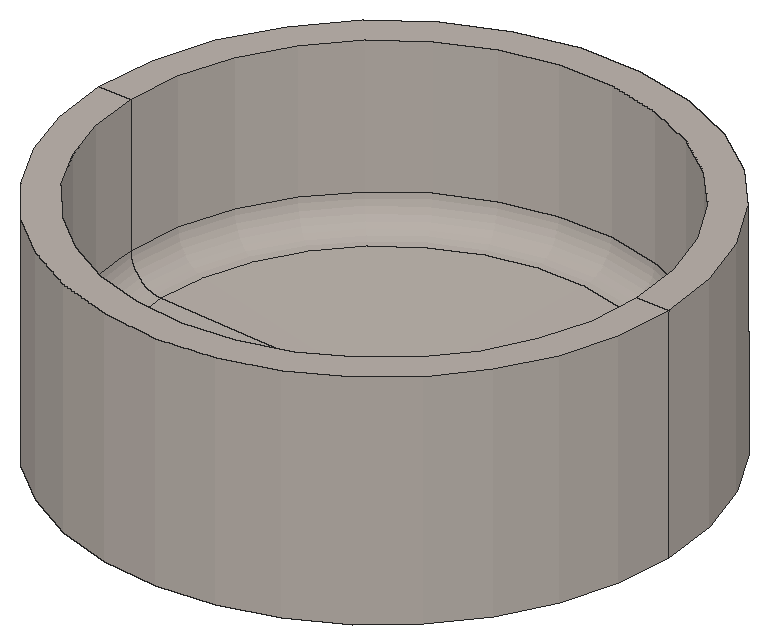
Revit family "ALMA-TEZGRN02-Soma_Terrazzo_Basin", category Generic Models, host Face, Revit 2026
Family settings
  Host = Face
  Can host rebar = No
  Round Connector Dimension = Use Diameter
  Part Type = Normal
  Cut with Voids When Loaded = No
  Maintain Annotation Orientation = No
  Shared = No
  Room Calculation Point = No
Parameters
  Width = 360 mm
  Height = 140 mm
  Default Elevation = 1219.2 mm
  Basin_Material = BM_SOMA TERRAZZO
Reference planes
  plane 1 "Center (Front/Back)": y = 0
  plane 2: z = 0
  plane 3 "Center (Left/Right)": x = 0
  plane 4: x = 180
  plane 5: x = -180
  plane 6: x = 160
  plane 7: x = -160
  plane 8: y = 180
  plane 9: y = -180
  plane 10: y = 160
  plane 11: y = -160
  plane 12: x = -35
  plane 13: x = 35
  plane 14: x = 22.5
  plane 15: x = -22.5
  plane 16: z = 140
  plane 17: y = 35
  plane 18: y = 22.5
  plane 19: y = -22.5
  plane 20: y = -35
Forms (mm)
  Revolve 1, solid, material "BM_SOMA TERRAZZO" <- "Basin_Material"
    sketch origin (0, 0, 0) x (1, 0, 0) y (0, 0, 1)
      loop
        line (-180, 0) -> (-22.5, 0) -> (-22.5, 10)
        arc (-22.5, 10) -> (-30.018, 14.935) -> (-33.805, 23.092) r 16.408
        line (-33.805, 23.092) -> (-35, 30.635) -> (-140.698, 34.326)
        arc (-140.698, 34.326) -> (-154.387, 40.421) -> (-160, 54.314) r 20
        line (-160, 54.314) -> (-160, 140) -> (-180, 140) -> (-180, 0)
      axis (0, 0) -> (0, 140)
    angle from 0 to 360
Text (mm)
  text "Refer to www.buildmat.com.au for the most current product literature. \nAllow a +/- 5mm tolerance for dimensions shown in the product literature. \nPlease note product details are subject to change due to ongoing product development." at (9, -1305.742, 0), in view "Ref. Level"
Dimensions and locks
  "Width": plane 9 to plane 8
  equal spacing: plane 9, plane 1 "Center (Front/Back)", plane 8
  "Width": plane 5 to plane 4
  equal spacing: plane 5, plane 3 "Center (Left/Right)", plane 4
  "Height": plane 16 to host face
  plane 6 to plane 4 = 20 mm
  plane 20 to plane 17 = 70 mm
  plane 19 to plane 18 = 45 mm
  aligned and locked: plane 2 to host face
  aligned and locked: level to host face
Automatic sketch dimensions
  host sketch curve to host sketch curve = 2438.4 mm  (x2)
  plane 5 to Revolve 1 sketch curve = 0 mm
  plane 7 to Revolve 1 sketch curve = 0 mm
  Revolve 1 sketch curve to plane 12 = 0 mm
  Revolve 1 sketch curve to level = 0 mm  (x2)
  Revolve 1 sketch curve to plane 15 = 0 mm
  Revolve 1 sketch curve to plane 3 "Center (Left/Right)" = 0 mm
  Revolve 1 sketch curve to plane 16 = 0 mm  (x2)
  Revolve 1 sketch curve to plane 7 = 19.302 mm
  Revolve 1 sketch curve to Revolve 1 sketch curve = 0.698 mm
  plane 12 to Revolve 1 sketch curve = 1.195 mm
  plane 15 to Revolve 1 sketch curve = 4.9 mm
  Revolve 1 sketch curve to Revolve 1 sketch curve = 10 mm
  Revolve 1 sketch curve to Revolve 1 sketch curve = 13.092 mm
  Revolve 1 sketch curve to Revolve 1 sketch curve = 7.543 mm
  level to Revolve 1 sketch curve = 34.326 mm
